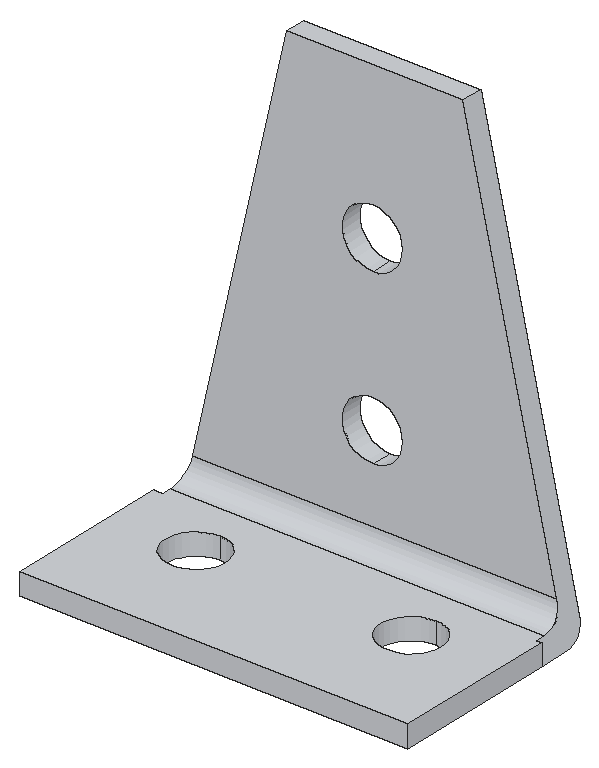
Revit family "MP17", category Generic Models, Revit 2017
Family settings
  Can host rebar = No
  Round Connector Dimension = Use Diameter
  Part Type = Normal
  Work Plane-Based = Yes
  Always vertical = No
  Cut with Voids When Loaded = No
  Shared = No
  Room Calculation Point = No
Parameters (values of type "NBS Standard Parameters")
  Weight = "0.4187Kg"
  WarrantyStartDate [instance] = "1900-12-31T23:59:59"
  WarrantyGuarantorParts = "n/a"
  WarrantyGuarantorLabor = "n/a"
  WarrantyDurationUnit = "1 year"
  WarrantyDurationParts = "n/a"
  WarrantyDurationLabor = "n/a"
  WarrantyDescription = "n/a"
  Version = "1"
  Uniclass2 = "Pr_65_70_11_19"
  TagNumber [instance] = "n/a"
  SustainabilityPerformance = "n/a"
  Size = "90  Degree"
  Shape = "Angle"
  SerialNumber [instance] = "n/a"
  Revision = "n/a"
  ReplacementCost = "n/a"
  ProductInformation = "www.metpro.co.uk/pdf/mp17.pdf"
  NominalWidth = 48 mm
  NominalLength = 90 mm
  NominalHeight = 108 mm
  Name = ""
  NBSTypeID = ""
  NBSReference = "90-55-10/305"
  NBSOfficeMasterTag = ""
  NBSNote = ""
  NBSDescription = "Channel Cable Supports"
  NBSCertification = ""
  ModelReference = "MP17"
  ModelNumber = "n/a"
  Material = "Steel"
  ManufacturerURL = "www.metpro.co.uk"
  ManufacturerName = "Metpro Ltd"
  Keynote = "Compliant to LU Standard 1-085"
  InstallationDate [instance] = "1900-12-31T23:59:59"
  IfcExportType = ""
  IfcExportAs = ""
  Grade = "n/a"
  Finish = "Hot Dipped Galvanised"
  Features = "n/a"
  ExpectedLife = "n/a"
  DurationUnit = "year"
  Description = "MP17  4 hole 90 degree Bracket"
  Default Elevation = 1219.2 mm
  Constituents = "n/a"
  Color = "n/a"
  CodePerformance = "n/a"
  Category = "n/a"
  BarCode [instance] = "n/a"
  BIMObjectName = "metpro_metprolibrary_channelcablesupports_channelbrackets"
  Author = "Metpro Ltd"
  AssetType = ""
  AssetIdentifier [instance] = "n/a"
  AccessibilityPerformance = "n/a"
Reference planes
  plane 1 "Center (Front/Back)": y = 0
  plane 2: z = 0
  plane 3 "Center (Left/Right)": x = 0
Forms (mm)
  Extrusion 1, solid
    sketch origin (-18, 105.247, -42.247) x (0, 1, 0) y (0, 0, 1)
      loop
        line (0, 106) -> (0, 10)
        arc (0, 10) -> (-1.464, 6.464) -> (-5, 5) r 5
        line (-5, 5) -> (-46, 5) -> (-46, 0) -> (0, 0)
        arc (0, 0) -> (3.536, 1.464) -> (5, 5) r 5
        line (5, 5) -> (5, 106) -> (0, 106)
    from -45 to 45
  Extrusion 2, void
    sketch origin (-18, 110.247, 356.1) x (0, 0, 1) y (-1, 0, 0)
      loop
        line (-292.347, -21) -> (-398.347, -45) -> (-292.347, -45) -> (-292.347, -21)
      loop
        line (-292.347, 19.999) -> (-292.347, 50) -> (-424.853, 50) -> (-292.347, 19.999)
    from 0 to 12.276
  Extrusion 3, void
    sketch origin (-18, 75.247, -37.247) x (-1, 0, 0) y (0, 1, 0)
      loop
        circle (-25, 10) r 7
      loop
        circle (25, 10) r 7
    from 0 to 5
  Extrusion 4, void
    sketch origin (-18, 105.247, 181.1) x (0, 0, -1) y (-1, 0, 0)
      loop
        circle (153.347, 0) r 7
      loop
        circle (193.347, 0) r 7
    from 0 to 5
Cuts and joins
  Extrusion 2, Extrusion 3, Extrusion 4 cuts Extrusion 1
Dimensions and locks
  aligned and locked: level to plane 2
  aligned and locked: Extrusion 3 to Extrusion 1
  aligned and locked: Extrusion 4 to Extrusion 1
